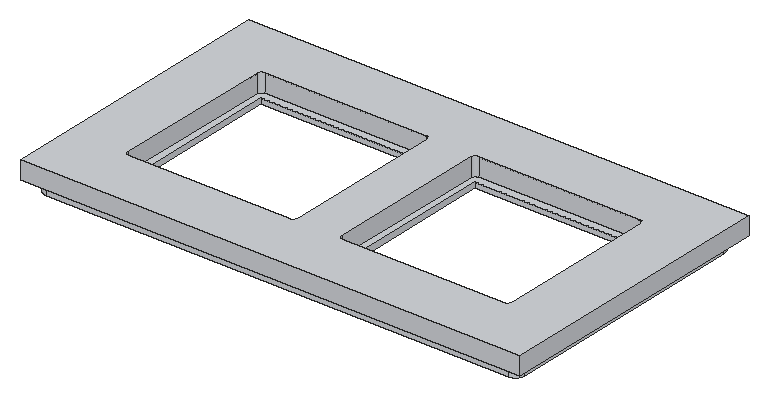
Revit family "Gira_0212226", category Electrical Fixtures, host Face, Revit 2017
Family settings
  Host = Face
  Maintain Annotation Orientation = No
  Round Connector Dimension = Use Diameter
  Part Type = Normal
  Cut with Voids When Loaded = No
  Shared = No
  Room Calculation Point = No
Parameters (values of type "Cov.fr. 2-g Gira Esprit Lin.pwd.anthra.")
  With mounting grid = "No"
  With hinged lid = "No"
  URL = "http://katalog.gira.de/en/datenblatt.html?artikelnr=0212226"
  Type of fastening = "Clamp mounting"
  Transparent = "No"
  Surface protection = "Other"
  Suitable for wall duct = "No"
  Suitable for flush-mounted installation = "Yes"
  Suitable for floor box = "No"
  Suitable for built-in installation = "No"
  Number of units vertical = "2"
  Number of units horizontal = "2"
  Number of units = "2"
  Name = "Cov.fr. 2-g Gira Esprit Lin.pwd.anthra."
  Mounting direction = "Horizontal and vertical"
  Material quality = "Other"
  Material = "Other"
  Manufacturer URL = "https://www.gira.de/"
  Manufacturer = "Gira"
  Label space/information surface = "No"
  Keynote = ""
  HeinzeBIM = "https://bimportal.heinze.de/bim/cov-fr-2-g-gira-esprit-lin-pwd-anthra-/ff09d0026e90717c0899a51a28bb5e9ab94aba2d"
  Halogen free = "No"
  HAN = "0212226"
  GTIN = "4010337015888"
  Description = "Cov.fr.2g Espr. LPwAn,Gira Esprit cover frame,linoleum-plywood anthracite,2-gang,Notes :,- Natural product. Colour deviations are possible.,- NCS value: approx. NCS S 8502-B"
  Degree of protection (IP) = "IP20"
  Default Elevation = 1219.2 mm
  Data sheet (1) = "https://katalog.gira.de/en/download.html?artikelnr=0212226"
  Colour = "Other"
  Category = "Cover frame for domestic switching devices"
  BIM (1) = "https://media.stage.bim.site/public/gira/36a6b08/Espr._Rahmen_2fach.rfa"
  Available = "No"
Reference planes
  plane 1 "Center (Front/Back)": y = 0
  plane 2: z = 0
  plane 3 "Center (Left/Right)": x = 0
Forms (mm)
  Extrusion 1, solid, detail levels fine
    sketch origin (0, 0, 0) x (1, 0, 0) y (0, 1, 0)
      loop
        line (-83, 47.5) -> (-83, -47.5) -> (83, -47.5) -> (83, 47.5) -> (-83, 47.5)
      loop
        arc (-63.75, -26.7) -> (-63.311, -27.761) -> (-62.25, -28.2) r 1.5
        line (-62.25, -28.2) -> (-8.85, -28.2)
        arc (-8.85, -28.2) -> (-7.789, -27.761) -> (-7.35, -26.7) r 1.5
        line (-7.35, -26.7) -> (-7.35, 26.7)
        arc (-7.35, 26.7) -> (-7.789, 27.761) -> (-8.85, 28.2) r 1.5
        line (-8.85, 28.2) -> (-62.25, 28.2)
        arc (-62.25, 28.2) -> (-63.311, 27.761) -> (-63.75, 26.7) r 1.5
        line (-63.75, 26.7) -> (-63.75, -26.7)
      loop
        line (63.75, -26.7) -> (63.75, 26.7)
        arc (63.75, 26.7) -> (63.311, 27.761) -> (62.25, 28.2) r 1.5
        line (62.25, 28.2) -> (8.85, 28.2)
        arc (8.85, 28.2) -> (7.789, 27.761) -> (7.35, 26.7) r 1.5
        line (7.35, 26.7) -> (7.35, -26.7)
        arc (7.35, -26.7) -> (7.789, -27.761) -> (8.85, -28.2) r 1.5
        line (8.85, -28.2) -> (62.25, -28.2)
        arc (62.25, -28.2) -> (63.311, -27.761) -> (63.75, -26.7) r 1.5
    from 0 to 6
  Extrusion 2, solid, detail levels fine
    sketch origin (0, 0, 0) x (1, 0, 0) y (0, 1, 0)
      loop
        line (-61.45, -25.7) -> (-9.65, -25.7) -> (-9.65, 25.7) -> (-61.45, 25.7) -> (-61.45, -25.7)
      loop
        line (61.45, 25.7) -> (9.65, 25.7) -> (9.65, -25.7) -> (61.45, -25.7) -> (61.45, 25.7)
      loop
        arc (-78.454, -41.3) -> (-77.927, -42.573) -> (-76.654, -43.1) r 1.8
        line (-76.654, -43.1) -> (76.654, -43.1)
        arc (76.654, -43.1) -> (77.927, -42.573) -> (78.454, -41.3) r 1.8
        line (78.454, -41.3) -> (78.454, 41.3)
        arc (78.454, 41.3) -> (77.927, 42.573) -> (76.654, 43.1) r 1.8
        line (76.654, 43.1) -> (-76.654, 43.1)
        arc (-76.654, 43.1) -> (-77.927, 42.573) -> (-78.454, 41.3) r 1.8
        line (-78.454, 41.3) -> (-78.454, -41.3)
    from -1.9 to 0
  Extrusion 3, solid, detail levels fine
    sketch origin (0, 0, 0) x (1, 0, 0) y (0, 1, 0)
      loop
        arc (-76.75, 44.4) -> (-78.871, 43.521) -> (-79.75, 41.4) r 3
        line (-79.75, 41.4) -> (-79.75, -41.4)
        arc (-79.75, -41.4) -> (-78.871, -43.521) -> (-76.75, -44.4) r 3
        line (-76.75, -44.4) -> (76.75, -44.4)
        arc (76.75, -44.4) -> (78.871, -43.521) -> (79.75, -41.4) r 3
        line (79.75, -41.4) -> (79.75, 41.4)
        arc (79.75, 41.4) -> (78.871, 43.521) -> (76.75, 44.4) r 3
        line (76.75, 44.4) -> (-76.75, 44.4)
      loop
        arc (-78.55, -41.4) -> (-78.023, -42.673) -> (-76.75, -43.2) r 1.8
        line (-76.75, -43.2) -> (76.75, -43.2)
        arc (76.75, -43.2) -> (78.023, -42.673) -> (78.55, -41.4) r 1.8
        line (78.55, -41.4) -> (78.55, 41.4)
        arc (78.55, 41.4) -> (78.023, 42.673) -> (76.75, 43.2) r 1.8
        line (76.75, 43.2) -> (-76.75, 43.2)
        arc (-76.75, 43.2) -> (-78.023, 42.673) -> (-78.55, 41.4) r 1.8
        line (-78.55, 41.4) -> (-78.55, -41.4)
    from -3.7 to 0
  Extrusion 4, solid, detail levels medium
    sketch origin (0, 0, 0) x (1, 0, 0) y (0, 1, 0)
      loop
        line (-83, 47.5) -> (-83, -47.5) -> (83, -47.5) -> (83, 47.5) -> (-83, 47.5)
    from 0 to 6
  Extrusion 5, solid, detail levels medium
    sketch origin (0, 0, 0) x (1, 0, 0) y (0, 1, 0)
      loop
        line (-79.75, 44.4) -> (-79.75, -44.4) -> (79.75, -44.4) -> (79.75, 44.4) -> (-79.75, 44.4)
    from -3.7 to 0
  Extrusion 6, solid, detail levels coarse
    sketch origin (0, 0, 0) x (1, 0, 0) y (0, 1, 0)
      loop
        line (-83, 47.5) -> (-83, -47.5) -> (83, -47.5) -> (83, 47.5) -> (-83, 47.5)
    from -3.7 to 6
Dimensions and locks
  aligned and locked: plane 2 to host face
  aligned and locked: level to host face
